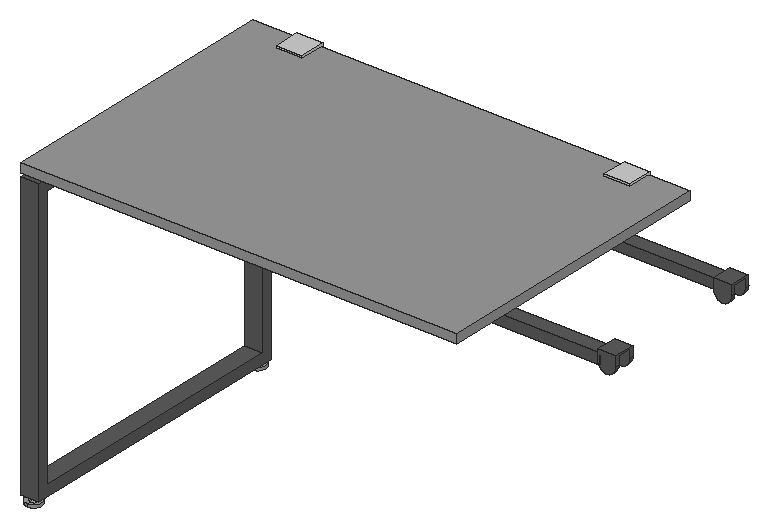
Revit family "Haworth_Tibas_Desk_ReturnExtension_EU_PRELIMINARY", category Furniture, Revit 2019 (continued)
Definition of nested family "Haworth_Tibas_CableManagement_HorizontalCableTraySingle_PART"
  Forms (cm)
    Extrusion 2, solid, material <- "Cable Tray Finish"
      sketch origin (-15.6859, 0, 0) x (0, 1, 0) y (0, 0, 1)
        loop
          line (-19.31, 44.6) -> (-19.31, 42.7) -> (-19.21, 42.7) -> (-19.21, 44.575)
          arc (-19.21, 44.575) -> (-19.2466, 44.6634) -> (-19.335, 44.7) r 0.125
          line (-19.335, 44.7) -> (-23.305, 44.7)
          arc (-23.305, 44.7) -> (-23.3934, 44.6634) -> (-23.43, 44.575) r 0.125
          line (-23.43, 44.575) -> (-23.43, 38.32) -> (-23.33, 38.32) -> (-23.33, 44.6) -> (-19.31, 44.6)
      from -48.05 to 48.05
    Extrusion 3, void
      sketch origin (0, -29.21, 0) x (1, 0, 0) y (0, 0, 1)
        loop
          line (-17.9359, 45) -> (-17.9359, 43.7)
          arc (-17.9359, 43.7) -> (-18.2288, 42.9929) -> (-18.9359, 42.7) r 1
          line (-18.9359, 42.7) -> (-12.4359, 42.7)
          arc (-12.4359, 42.7) -> (-13.143, 42.9929) -> (-13.4359, 43.7) r 1
          line (-13.4359, 43.7) -> (-13.4359, 45) -> (-17.9359, 45)
      from -20.6953 to 2.1375
    Extrusion 4, void
      sketch origin (0, 0, 0) x (1, 0, 0) y (0, 1, 0)
        loop
          line (-82.7859, -27.3866) -> (-89.6859, -27.3866) -> (-89.6859, -33.3466) -> (-82.7859, -33.3466) -> (-82.7859, -27.3866)
      from 0 to 71.12
    Extrusion 5, void
      sketch origin (-31.3718, 0, 0) x (-1, 0, 0) y (0, -1, 0)
        loop
          line (-82.7859, 27.3866) -> (-82.7859, 33.3466) -> (-89.6859, 33.3466) -> (-89.6859, 27.3866) -> (-82.7859, 27.3866)
      from 0 to 71.12
  Cuts and joins
    Extrusion 4, Extrusion 5 cuts Extrusion 1
    Extrusion 3 cuts Extrusion 2
    joined: Extrusion 1, Extrusion 2
  Lines and regions (cm)
    Masking region 1
      outline origin (0, 0, 0) x (1, 0, 0) y (0, 1, 0)
        loop
          line (-89.6859, -19.21) -> (-89.6859, -39.21) -> (58.3141, -39.21) -> (58.3141, -19.21) -> (-89.6859, -19.21)
  Dimensions and locks (cm)
    "Actual Height": plane 4 "Top" to plane 1
    equal spacing: plane 8, plane 3 "Center F/B", plane 9
    "Actual Depth": plane 8 to plane 9
    equal spacing: plane 6, plane 2 "Center L/R", plane 7
    "Actual Width": plane 6 to plane 7
    "Actual Height": plane 4 "Top" to level
    locked: plane 5 to plane 4 "Top" at 10
    locked: plane 10 to plane 7 at 25.95
    locked: plane 6 to plane 11 at 25.95
    locked: plane 6 to plane 14 at 6.9
    locked: plane 15 to plane 7 at 6.9
    aligned and locked: Masking region 1 sketch curve to plane 8
    aligned and locked: Masking region 1 sketch curve to plane 6
    aligned and locked: Masking region 1 sketch curve to plane 9
    aligned and locked: plane 7 to Masking region 1 sketch curve
    aligned and locked: plane 6 to Extrusion 1
    aligned and locked: Extrusion 1 to plane 7
    aligned and locked: Extrusion 2 to plane 10
    aligned and locked: plane 11 to Extrusion 2
    aligned and locked: Extrusion 3 sketch curve to plane 13
    aligned and locked: Extrusion 3 sketch curve to plane 12
    aligned and locked: Extrusion 3 sketch curve to plane 4 "Top"
    aligned and locked: Extrusion 4 sketch curve to plane 6
    aligned and locked: Extrusion 5 sketch curve to plane 15
  Automatic sketch dimensions
    plane 5 to Extrusion 1 sketch curve = 0 cm
    Extrusion 1 sketch curve to plane 9 = 0.1862 cm
    Extrusion 1 sketch curve to Extrusion 1 sketch curve = 0.0742 cm  (x2)
    Extrusion 1 sketch curve to Extrusion 1 sketch curve = 0.0223 cm
    Extrusion 1 sketch curve to Extrusion 1 sketch curve = 0.5437 cm
    Extrusion 1 sketch curve to Extrusion 1 sketch curve = 0.0707 cm  (x2)
    Extrusion 1 sketch curve to plane 5 = 0.0342 cm
    Extrusion 1 sketch curve to Extrusion 1 sketch curve = 0.007 cm
    Extrusion 1 sketch curve to Extrusion 1 sketch curve = 0.1 cm
    Extrusion 1 sketch curve to Extrusion 1 sketch curve = 0.0168 cm
    Extrusion 1 sketch curve to plane 5 = 1.2092 cm
    Extrusion 1 sketch curve to Extrusion 1 sketch curve = 0.1485 cm
    Extrusion 1 sketch curve to Extrusion 1 sketch curve = 0.0293 cm
    Extrusion 1 sketch curve to Extrusion 1 sketch curve = 3.1963 cm
    Extrusion 2 sketch curve to plane 8 = 0 cm
    Extrusion 2 sketch curve to Extrusion 2 sketch curve = 0.1 cm  (x2)
    Extrusion 2 sketch curve to Extrusion 2 sketch curve = 0.025 cm  (x3)
    Extrusion 2 sketch curve to plane 4 "Top" = 0.3 cm
    Extrusion 2 sketch curve to Extrusion 2 sketch curve = 1.875 cm
    Extrusion 2 sketch curve to plane 5 = 3.32 cm
    Extrusion 3 sketch curve to Extrusion 3 sketch curve = 1 cm
    Extrusion 3 sketch curve to plane 13 = 1 cm
    Extrusion 3 sketch curve to plane 4 "Top" = 1.3 cm  (x2)
    Extrusion 3 sketch curve to Extrusion 3 sketch curve = 0 cm  (x3)
    Extrusion 4 sketch curve to plane 14 = 0 cm
    Extrusion 4 sketch curve to plane 3 "Center F/B" = 1.8234 cm
    Extrusion 5 sketch curve to plane 7 = 0 cm
    plane 3 "Center F/B" to Extrusion 5 sketch curve = 1.8234 cm
    Extrusion 1 sketch curve to plane 8 = 4.2437 cm
    Extrusion 1 sketch curve to Extrusion 1 sketch curve = 0.0237 cm
    Extrusion 2 sketch curve to Extrusion 2 sketch curve = 3.97 cm
    Extrusion 1 sketch curve to Extrusion 1 sketch curve = 1.0194 cm
    Extrusion 1 sketch curve to plane 5 = 0.1 cm
    plane 3 "Center F/B" to Extrusion 4 sketch curve = 4.1366 cm
    Extrusion 5 sketch curve to plane 3 "Center F/B" = 4.1366 cm
Definition of nested family "Haworth_Tibas_CableManagement_HorizontalCableTraySingleWire_PART"
  Parameters (values of type "Wire Basket")
    Warranty = "http://www.haworth.com/resources/product-info/warranties"
    URL = "www.haworth.com"
    Trim Finish = none
    Size = "Verify Final Dim. w/ Haworth"  # constant formula
    Revision Number = "1"  # constant formula
    Model = "Haworth -  Wire Basket "  # constant formula
    Manufacturer = "Haworth"  # constant formula
    Description = "Haworth -  Wire Basket "  # constant formula
    Cable Tray Finish [instance] = none
    Author = "Haworth (Abd Rahman)"  # constant formula
    Assembly Code = "E2020200"
    Actual Width = 200 cm
    Actual Depth = 16 cm  # constant formula
    80cm = yes
    200cm = yes
    180cm = yes
    160cm = yes
    140cm = yes
    120cm = yes
    100cm = yes
  Reference planes (cm)
    plane 1: z = 0
    plane 2 "Support Top": z = 74.1363
    plane 3: x = -79.1964
    plane 4: x = 120.8036
    plane 5: x = 20.8036
    plane 6: y = -4.3686
    plane 7 "Front": y = -20.3686
    plane 8: y = -12.3686
  Dimensions and locks (cm)
    locked: plane 2 "Support Top" to level at 74.1363
    equal spacing: plane 3, plane 5, plane 4
    "Actual Width": plane 3 to plane 4
    equal spacing: plane 6, plane 8, plane 7 "Front"
    "Actual Depth": plane 7 "Front" to plane 6
    aligned and locked: plane 5 to nested 1
    aligned and locked: plane 5 to nested 2
    aligned and locked: plane 5 to nested 3
    aligned and locked: plane 5 to nested 5
    aligned and locked: plane 5 to nested 4
    aligned and locked: plane 5 to nested 6
    aligned and locked: plane 8 to nested 1
    aligned and locked: plane 8 to nested 2
    aligned and locked: plane 8 to nested 3
    aligned and locked: plane 8 to nested 5
    aligned and locked: plane 8 to nested 6
    aligned and locked: plane 8 to nested 4
    aligned and locked: plane 5 to nested 7
    aligned and locked: plane 8 to nested 7
    aligned and locked: plane 2 "Support Top" to nested 5
    aligned and locked: plane 2 "Support Top" to nested 4
    aligned and locked: plane 2 "Support Top" to nested 6
    aligned and locked: plane 2 "Support Top" to nested 3
    aligned and locked: plane 2 "Support Top" to nested 7
    aligned and locked: plane 2 "Support Top" to nested 2
    aligned and locked: plane 2 "Support Top" to nested 1
  Nested families (cm)
    nested 1: "Haworth_Tibas_CableManagement_HorizontalCableTraySingleWire_80cm-PART" at (0, 0, 0), visible <- "80cm", type "Wire Basket Single - 80cm"
    nested 2: "Haworth_Tibas_CableManagement_HorizontalCableTraySingleWire_100cm-PART" at (0, 0, 0), visible <- "100cm", type "Wire Basket Single - 100cm"
    nested 3: "Haworth_Tibas_CableManagement_HorizontalCableTraySingleWire_140cm-PART" at (0, 0, 0), visible <- "140cm", type "Wire Basket Single - 140cm"
    nested 4: "Haworth_Tibas_CableManagement_HorizontalCableTraySingleWire_180cm-PART" at (0, 0, 0), visible <- "180cm", type "Wire Basket Single - 180cm"
    nested 5: "Haworth_Tibas_CableManagement_HorizontalCableTraySingleWire_200cm-PART" at (0, 0, 0), visible <- "200cm", type "Wire Basket Single - 200cm"
    nested 6: "Haworth_Tibas_CableManagement_HorizontalCableTraySingleWire_160cm-PART" at (0, 0, 0), visible <- "160cm", type "Wire Basket Single - 160cm"
    nested 7: "Haworth_Tibas_CableManagement_HorizontalCableTraySingleWire_120cm-PART" at (0, 0, 0), visible <- "120cm", type "Wire Basket Single - 120cm"
  Definition of nested family "Haworth_Tibas_CableManagement_HorizontalCableTraySingleWire_80cm-PART"
    Parameters (values of type "Wire Basket Single - 80cm")
      Warranty = "http://www.haworth.com/resources/product-info/warranties"
      Void Width = 20 cm  # constant formula
      URL = "www.haworth.com"
      Trim Finish = none
      Size = "Verify Final Dim. w/ Haworth"  # constant formula
      Revision Number = "1"  # constant formula
      Model = "Haworth -  Wire Basket "  # constant formula
      Manufacturer = "Haworth"  # constant formula
      Description = "Haworth -  Wire Basket 80cm "  # constant formula
      Cable Tray Finish = none
      Author = "Haworth (Abd Rahman)"  # constant formula
      Assembly Code = "E2020200"
      Actual Width = 80 cm  # constant formula
      Actual Depth = 16 cm  # constant formula
    Reference planes (cm)
      plane 1: z = 0
      plane 2 "Support Top": z = 74.1363
      plane 3: x = 20.8036
      plane 4: y = -4.3686
      plane 5 "Front": y = -20.3686
      plane 6: y = -12.3686
      plane 7: x = -19.1964
      plane 8: x = 60.8036
    Forms (cm)
      Extrusion 1, solid, material <- "Cable Tray Finish"
        sketch origin (-68.41, -24.7371, 0) x (0, 1, 0) y (0, 0, -1)
          loop
            line (5.5335, -74.1362) -> (5.5335, -68.4381)
            arc (5.5335, -68.4381) -> (5.5922, -68.2965) -> (5.7338, -68.2378) r 0.2003
            line (5.7338, -68.2378) -> (19.8574, -68.2378)
            arc (19.8574, -68.2378) -> (20.0023, -68.2979) -> (20.0623, -68.4428) r 0.205
            line (20.0623, -68.4428) -> (20.0623, -74.1362) -> (20.3686, -74.1362) -> (20.3686, -68.4261)
            arc (20.3686, -68.4261) -> (20.2547, -68.1513) -> (19.9799, -68.0374) r 0.3886
            line (19.9799, -68.0374) -> (5.7294, -68.0374)
            arc (5.7294, -68.0374) -> (5.455, -68.1511) -> (5.3413, -68.4255) r 0.3881
            line (5.3413, -68.4255) -> (5.3413, -74.1362) -> (5.5335, -74.1362)
        from -129.2136 to -49.2136
      Extrusion 2, void
        sketch origin (0, -2.9666, 0) x (1, 0, 0) y (0, 0, -1)
          loop
            line (-19.011, -73.9397) -> (-14.4684, -73.9397) -> (-14.4684, -70.6269) -> (-19.011, -70.6269) -> (-19.011, -73.9397)
          loop
            line (-14.4684, -70.4411) -> (-14.4684, -68.6582) -> (-19.011, -68.6582) -> (-19.011, -70.4411) -> (-14.4684, -70.4411)
          loop
            line (-14.261, -73.9397) -> (-8.4684, -73.9397) -> (-8.4684, -70.6269) -> (-14.261, -70.6269) -> (-14.261, -73.9397)
          loop
            line (-8.4684, -70.4411) -> (-8.4684, -68.6582) -> (-14.261, -68.6582) -> (-14.261, -70.4411) -> (-8.4684, -70.4411)
          loop
            line (-8.261, -73.9397) -> (-2.4684, -73.9397) -> (-2.4684, -70.6269) -> (-8.261, -70.6269) -> (-8.261, -73.9397)
          loop
            line (-2.4684, -70.4411) -> (-2.4684, -68.6448) -> (-8.261, -68.6448) -> (-8.261, -70.4411) -> (-2.4684, -70.4411)
          loop
            line (-2.261, -73.9397) -> (3.5316, -73.9397) -> (3.5316, -70.6269) -> (-2.261, -70.6269) -> (-2.261, -73.9397)
          loop
            line (3.5316, -70.4411) -> (3.5316, -68.6582) -> (-2.261, -68.6582) -> (-2.261, -70.4411) -> (3.5316, -70.4411)
          loop
            line (3.739, -73.9397) -> (9.5316, -73.9397) -> (9.5316, -70.6269) -> (3.739, -70.6269) -> (3.739, -73.9397)
          loop
            line (9.5316, -70.4411) -> (9.5316, -68.6582) -> (3.739, -68.6582) -> (3.739, -70.4411) -> (9.5316, -70.4411)
          loop
            line (9.739, -73.9397) -> (15.5316, -73.9397) -> (15.5316, -70.6269) -> (9.739, -70.6269) -> (9.739, -73.9397)
          loop
            line (15.5316, -70.4411) -> (15.5316, -68.6582) -> (9.739, -68.6582) -> (9.739, -70.4411) -> (15.5316, -70.4411)
          loop
            line (15.739, -73.9397) -> (21.5316, -73.9397) -> (21.5316, -70.6269) -> (15.739, -70.6269) -> (15.739, -73.9397)
          loop
            line (21.5316, -70.4411) -> (21.5316, -68.6582) -> (15.739, -68.6582) -> (15.739, -70.4411) -> (21.5316, -70.4411)
          loop
            line (21.739, -73.9397) -> (27.5316, -73.9397) -> (27.5316, -70.6269) -> (21.739, -70.6269) -> (21.739, -73.9397)
          loop
            line (27.5316, -70.4411) -> (27.5316, -68.6582) -> (21.739, -68.6582) -> (21.739, -70.4411) -> (27.5316, -70.4411)
          loop
            line (27.739, -73.9397) -> (33.5316, -73.9397) -> (33.5316, -70.6269) -> (27.739, -70.6269) -> (27.739, -73.9397)
          loop
            line (33.5316, -70.4411) -> (33.5316, -68.6448) -> (27.739, -68.6448) -> (27.739, -70.4411) -> (33.5316, -70.4411)
          loop
            line (33.739, -73.9397) -> (39.5316, -73.9397) -> (39.5316, -70.6269) -> (33.739, -70.6269) -> (33.739, -73.9397)
          loop
            line (39.5316, -70.4411) -> (39.5316, -68.6582) -> (33.739, -68.6582) -> (33.739, -70.4411) -> (39.5316, -70.4411)
          loop
            line (39.739, -73.9397) -> (45.5316, -73.9397) -> (45.5316, -70.6269) -> (39.739, -70.6269) -> (39.739, -73.9397)
          loop
            line (45.5316, -70.4411) -> (45.5316, -68.6582) -> (39.739, -68.6582) -> (39.739, -70.4411) -> (45.5316, -70.4411)
          loop
            line (45.739, -73.9397) -> (51.5316, -73.9397) -> (51.5316, -70.6269) -> (45.739, -70.6269) -> (45.739, -73.9397)
          loop
            line (51.5316, -70.4411) -> (51.5316, -68.6582) -> (45.739, -68.6582) -> (45.739, -70.4411) -> (51.5316, -70.4411)
          loop
            line (51.739, -73.9397) -> (57.5316, -73.9397) -> (57.5316, -70.6269) -> (51.739, -70.6269) -> (51.739, -73.9397)
          loop
            line (57.5316, -70.4411) -> (57.5316, -68.6582) -> (51.739, -68.6582) -> (51.739, -70.4411) -> (57.5316, -70.4411)
          loop
            line (57.739, -73.9397) -> (60.5316, -73.9397) -> (60.5316, -70.6269) -> (57.739, -70.6269) -> (57.739, -73.9397)
          loop
            line (60.5316, -70.4411) -> (60.5316, -68.6582) -> (57.739, -68.6582) -> (57.739, -70.4411) -> (60.5316, -70.4411)
        from -21.2076 to 0.5784
      Extrusion 3, void
        sketch origin (0, -24.7371, 0) x (1, 0, 0) y (0, 1, 0)
          loop
            line (-18.761, 5.9663) -> (-12.9684, 5.9663) -> (-12.9684, 20.0623) -> (-18.761, 20.0623) -> (-18.761, 5.9663)
          loop
            line (-12.761, 5.9663) -> (-6.9555, 5.9663) -> (-6.9555, 20.0623) -> (-12.761, 20.0623) -> (-12.761, 5.9663)
          loop
            line (-6.748, 5.9663) -> (-0.9555, 5.9663) -> (-0.9555, 20.0623) -> (-6.748, 20.0623) -> (-6.748, 5.9663)
          loop
            line (-0.748, 5.9663) -> (5.0575, 5.9663) -> (5.0575, 20.0623) -> (-0.748, 20.0623) -> (-0.748, 5.9663)
          loop
            line (5.2779, 5.9663) -> (11.0704, 5.9663) -> (11.0704, 20.0623) -> (5.2779, 20.0623) -> (5.2779, 5.9663)
          loop
            line (11.2779, 5.9663) -> (17.0834, 5.9663) -> (17.0834, 20.0623) -> (11.2779, 20.0623) -> (11.2779, 5.9663)
          loop
            line (17.2908, 5.9663) -> (23.0963, 5.9663) -> (23.0963, 20.0623) -> (17.2908, 20.0623) -> (17.2908, 5.9663)
          loop
            line (23.3038, 5.9663) -> (29.0963, 5.9663) -> (29.0963, 20.0623) -> (23.3038, 20.0623) -> (23.3038, 5.9663)
          loop
            line (29.3038, 5.9663) -> (35.1093, 5.9663) -> (35.1093, 20.0623) -> (29.3038, 20.0623) -> (29.3038, 5.9663)
          loop
            line (35.3297, 5.9663) -> (41.1222, 5.9663) -> (41.1222, 20.0623) -> (35.3297, 20.0623) -> (35.3297, 5.9663)
          loop
            line (41.3297, 5.9663) -> (47.1351, 5.9663) -> (47.1351, 20.0623) -> (41.3297, 20.0623) -> (41.3297, 5.9663)
          loop
            line (47.3426, 5.9663) -> (53.1481, 5.9663) -> (53.1481, 20.0623) -> (47.3426, 20.0623) -> (47.3426, 5.9663)
          loop
            line (53.3556, 5.9663) -> (60.1481, 5.9663) -> (60.1481, 20.0623) -> (53.3556, 20.0623) -> (53.3556, 5.9663)
        from 0 to 76.0995
      Extrusion 4, solid, material <- "Trim Finish"
        sketch origin (-32.3038, 0.625, 79.9413) x (0, -1, 0) y (0, 0, 1)
          loop
            line (24.1542, -2.8) -> (20.1466, -2.8)
            arc (20.1466, -2.8) -> (19.9893, -2.8651) -> (19.9242, -3.0224) r 0.2224
            line (19.9242, -3.0224) -> (19.9242, -5.6) -> (19.6482, -5.6)
            arc (19.6482, -5.6) -> (19.4898, -5.6656) -> (19.4242, -5.824) r 0.224
            line (19.4242, -5.824) -> (19.4242, -12.25) -> (7.5501, -12.25)
            arc (7.5501, -12.25) -> (7.3251, -12.025) -> (7.5501, -11.8) r 0.225
            line (7.5501, -11.8) -> (8.3242, -11.8) -> (8.3242, -11.6) -> (7.5483, -11.6)
            arc (7.5483, -11.6) -> (7.1233, -12.025) -> (7.5483, -12.45) r 0.425
            line (7.5483, -12.45) -> (19.4019, -12.45)
            arc (19.4019, -12.45) -> (19.5591, -12.3849) -> (19.6242, -12.2277) r 0.2223
            line (19.6242, -12.2277) -> (19.6242, -5.8) -> (19.9029, -5.8)
            arc (19.9029, -5.8) -> (20.0594, -5.7352) -> (20.1242, -5.5787) r 0.2213
            line (20.1242, -5.5787) -> (20.1242, -3) -> (24.1742, -3) -> (24.1742, -6) -> (24.3742, -6) -> (24.3742, -3.02)
            arc (24.3742, -3.02) -> (24.3098, -2.8644) -> (24.1542, -2.8) r 0.22
        from -36.501 to -33.501
      Extrusion 5, solid, material <- "Trim Finish"
        sketch origin (73.911, 0.625, 79.9413) x (0, -1, 0) y (0, 0, -1)
          loop
            arc (24.1542, 2.8) -> (24.3098, 2.8644) -> (24.3742, 3.02) r 0.22
            line (24.3742, 3.02) -> (24.3742, 6) -> (24.1742, 6) -> (24.1742, 3) -> (20.1242, 3) -> (20.1242, 5.5787)
            arc (20.1242, 5.5787) -> (20.0594, 5.7352) -> (19.9029, 5.8) r 0.2213
            line (19.9029, 5.8) -> (19.6242, 5.8) -> (19.6242, 12.2277)
            arc (19.6242, 12.2277) -> (19.5591, 12.3849) -> (19.4019, 12.45) r 0.2223
            line (19.4019, 12.45) -> (7.5483, 12.45)
            arc (7.5483, 12.45) -> (7.1233, 12.025) -> (7.5483, 11.6) r 0.425
            line (7.5483, 11.6) -> (8.3242, 11.6) -> (8.3242, 11.8) -> (7.5501, 11.8)
            arc (7.5501, 11.8) -> (7.3251, 12.025) -> (7.5501, 12.25) r 0.225
            line (7.5501, 12.25) -> (19.4242, 12.25) -> (19.4242, 5.824)
            arc (19.4242, 5.824) -> (19.4898, 5.6656) -> (19.6482, 5.6) r 0.224
            line (19.6482, 5.6) -> (19.9242, 5.6) -> (19.9242, 3.0224)
            arc (19.9242, 3.0224) -> (19.9893, 2.8651) -> (20.1466, 2.8) r 0.2224
            line (20.1466, 2.8) -> (24.1542, 2.8)
        from -36.501 to -33.501
    Cuts and joins
      Extrusion 2, Extrusion 3 cuts Extrusion 1
    Lines and regions (cm)
      Masking region 1
        outline origin (0, 0, 0) x (1, 0, 0) y (0, 1, 0)
          loop
            line (-19.1964, -4.3686) -> (-19.1964, -20.3686) -> (60.8036, -20.3686) -> (60.8036, -4.3686) -> (-19.1964, -4.3686)
    Dimensions and locks (cm)
      locked: plane 2 "Support Top" to level at 74.1363
      equal spacing: plane 4, plane 6, plane 5 "Front"
      "Actual Depth": plane 5 "Front" to plane 4
      equal spacing: plane 7, plane 3, plane 8
      "Actual Width": plane 7 to plane 8
      aligned and locked: plane 4 to cut or joined group of Extrusion 1, Extrusion 2, Extrusion 3
      aligned and locked: Masking region 1 sketch curve to plane 4
      aligned and locked: Masking region 1 sketch curve to plane 5 "Front"
      aligned and locked: cut or joined group of Extrusion 1, Extrusion 2, Extrusion 3 to plane 7
      aligned and locked: Masking region 1 to plane 7
      aligned and locked: plane 8 to cut or joined group of Extrusion 1, Extrusion 2, Extrusion 3
      aligned and locked: plane 8 to Masking region 1
    Automatic sketch dimensions
      Extrusion 1 sketch curve to plane 2 "Support Top" = 0 cm  (x2)
      Extrusion 1 sketch curve to plane 4 = 0 cm
      Extrusion 1 sketch curve to Extrusion 1 sketch curve = 0.3062 cm
      Extrusion 1 sketch curve to plane 4 = 0.3886 cm
      Extrusion 1 sketch curve to Extrusion 1 sketch curve = 0.1226 cm
      Extrusion 1 sketch curve to plane 5 "Front" = 1.3652 cm
      Extrusion 1 sketch curve to Extrusion 1 sketch curve = 0.0044 cm
      Extrusion 1 sketch curve to Extrusion 1 sketch curve = 0.1959 cm
      Extrusion 1 sketch curve to Extrusion 1 sketch curve = 0.1923 cm
      Extrusion 1 sketch curve to plane 2 "Support Top" = 5.6934 cm
      Extrusion 1 sketch curve to Extrusion 1 sketch curve = 0.0167 cm
      plane 7 to Extrusion 2 sketch curve = 0.1855 cm  (x2)
      Extrusion 2 sketch curve to plane 2 "Support Top" = 0.1965 cm  (x14)
      Extrusion 2 sketch curve to Extrusion 2 sketch curve = 4.5425 cm
      Extrusion 2 sketch curve to Extrusion 2 sketch curve = 0 cm  (x30)
      Extrusion 2 sketch curve to Extrusion 2 sketch curve = 0.2075 cm  (x18)
      Extrusion 2 sketch curve to Extrusion 2 sketch curve = 5.7925 cm  (x9)
      Extrusion 2 sketch curve to plane 3 = 5.272 cm
      plane 3 to Extrusion 2 sketch curve = 0.728 cm  (x2)
      Extrusion 2 sketch curve to plane 8 = 3.272 cm
      Extrusion 2 sketch curve to plane 8 = 0.272 cm  (x2)
      Extrusion 2 sketch curve to Extrusion 2 sketch curve = 3.3128 cm  (x5)
      Extrusion 2 sketch curve to Extrusion 2 sketch curve = 0.1859 cm  (x14)
      Extrusion 2 sketch curve to Extrusion 2 sketch curve = 1.7829 cm  (x11)
      Extrusion 2 sketch curve to Extrusion 2 sketch curve = 0.0134 cm  (x2)
      Extrusion 3 sketch curve to plane 7 = 0.4355 cm
      plane 4 to Extrusion 3 sketch curve = 0.3062 cm  (x8)
      Extrusion 3 sketch curve to Extrusion 3 sketch curve = 5.7925 cm  (x5)
      Extrusion 3 sketch curve to Extrusion 3 sketch curve = 0.2075 cm  (x10)
      Extrusion 3 sketch curve to Extrusion 3 sketch curve = 5.8055 cm  (x5)
      plane 5 "Front" to Extrusion 3 sketch curve = 1.5977 cm  (x5)
      Extrusion 3 sketch curve to Extrusion 3 sketch curve = 0.2204 cm  (x2)
      plane 3 to Extrusion 3 sketch curve = 3.7202 cm
      Extrusion 3 sketch curve to plane 3 = 2.2927 cm
      plane 8 to Extrusion 3 sketch curve = 0.6555 cm
      Extrusion 3 sketch curve to Extrusion 3 sketch curve = 0 cm  (x13)
      Masking region 1 sketch curve to plane 7 = 0 cm
      Masking region 1 sketch curve to plane 8 = 0 cm
      Extrusion 4 sketch curve to plane 4 = 2.5547 cm
      Extrusion 4 sketch curve to Extrusion 4 sketch curve = 0.0018 cm
      Extrusion 4 sketch curve to Extrusion 4 sketch curve = 0.7759 cm
      Extrusion 4 sketch curve to plane 5 "Front" = 1.5916 cm
      Extrusion 4 sketch curve to Extrusion 4 sketch curve = 0.0223 cm
      plane 2 "Support Top" to Extrusion 4 sketch curve = 0.005 cm
      Extrusion 4 sketch curve to Extrusion 4 sketch curve = 0.2 cm  (x4)
      Extrusion 4 sketch curve to Extrusion 4 sketch curve = 0.024 cm
      Extrusion 4 sketch curve to Extrusion 4 sketch curve = 0.2547 cm
      Extrusion 4 sketch curve to plane 5 "Front" = 1.0694 cm
      Extrusion 4 sketch curve to Extrusion 4 sketch curve = 0.0224 cm
      plane 5 "Front" to Extrusion 4 sketch curve = 3.1606 cm
      Extrusion 4 sketch curve to Extrusion 4 sketch curve = 0.02 cm  (x2)
      Extrusion 4 sketch curve to plane 2 "Support Top" = 0.019 cm
      Extrusion 4 sketch curve to plane 2 "Support Top" = 0.195 cm
      Extrusion 4 sketch curve to plane 2 "Support Top" = 5.795 cm
      Extrusion 4 sketch curve to Extrusion 4 sketch curve = 0.225 cm
      Extrusion 4 sketch curve to Extrusion 4 sketch curve = 0 cm
      Extrusion 4 sketch curve to Extrusion 4 sketch curve = 2.5563 cm
      Extrusion 5 sketch curve to plane 4 = 2.5547 cm
      Extrusion 5 sketch curve to Extrusion 5 sketch curve = 0.0018 cm
      Extrusion 5 sketch curve to Extrusion 5 sketch curve = 0.7759 cm
      Extrusion 5 sketch curve to plane 5 "Front" = 1.5916 cm
      Extrusion 5 sketch curve to Extrusion 5 sketch curve = 0.0223 cm
      plane 2 "Support Top" to Extrusion 5 sketch curve = 0.005 cm
      Extrusion 5 sketch curve to Extrusion 5 sketch curve = 0.2 cm  (x5)
      Extrusion 5 sketch curve to Extrusion 5 sketch curve = 0.024 cm
      Extrusion 5 sketch curve to Extrusion 5 sketch curve = 0.2547 cm
      Extrusion 5 sketch curve to plane 5 "Front" = 1.0694 cm
      Extrusion 5 sketch curve to Extrusion 5 sketch curve = 0.0224 cm
      plane 5 "Front" to Extrusion 5 sketch curve = 3.1606 cm
      Extrusion 5 sketch curve to Extrusion 5 sketch curve = 0.02 cm  (x2)
      Extrusion 5 sketch curve to Extrusion 5 sketch curve = 2.5563 cm
      Extrusion 5 sketch curve to plane 2 "Support Top" = 0.195 cm
      Extrusion 5 sketch curve to plane 2 "Support Top" = 5.795 cm
      Extrusion 5 sketch curve to Extrusion 5 sketch curve = 0.225 cm
      Extrusion 5 sketch curve to Extrusion 5 sketch curve = 0 cm
  Definition of nested family "Haworth_Tibas_CableManagement_HorizontalCableTraySingleWire_100cm-PART"
    Parameters (values of type "Wire Basket Single - 100cm")
      Warranty = "http://www.haworth.com/resources/product-info/warranties"
      Void Width = 20 cm  # constant formula
      URL = "www.haworth.com"
      Trim Finish = none
      Size = "Verify Final Dim. w/ Haworth"  # constant formula
      Revision Number = "1"  # constant formula
      Model = "Haworth -  Wire Basket "  # constant formula
      Manufacturer = "Haworth"  # constant formula
      Description = "Haworth -  Wire Basket 100cm "  # constant formula
      Cable Tray Finish = none
      Author = "Haworth (Abd Rahman)"  # constant formula
      Assembly Code = "E2020200"
      Actual Width = 100 cm  # constant formula
      Actual Depth = 16 cm  # constant formula
    Reference planes (cm)
      plane 1: z = 0
      plane 2 "Support Top": z = 74.1363
      plane 3: x = 20.8036
      plane 4: y = -4.3686
      plane 5 "Front": y = -20.3686
      plane 6: y = -12.3686
      plane 7: x = 70.8036
      plane 8: x = -29.1964
    Forms (cm)
      Extrusion 1, solid, material <- "Cable Tray Finish"
        sketch origin (-68.41, -24.7371, 0) x (0, 1, 0) y (0, 0, -1)
          loop
            line (5.5335, -74.1362) -> (5.5335, -68.4381)
            arc (5.5335, -68.4381) -> (5.5922, -68.2965) -> (5.7338, -68.2378) r 0.2003
            line (5.7338, -68.2378) -> (19.8574, -68.2378)
            arc (19.8574, -68.2378) -> (20.0023, -68.2979) -> (20.0623, -68.4428) r 0.205
            line (20.0623, -68.4428) -> (20.0623, -74.1362) -> (20.3686, -74.1362) -> (20.3686, -68.4261)
            arc (20.3686, -68.4261) -> (20.2547, -68.1513) -> (19.9799, -68.0374) r 0.3886
            line (19.9799, -68.0374) -> (5.7294, -68.0374)
            arc (5.7294, -68.0374) -> (5.455, -68.1511) -> (5.3413, -68.4255) r 0.3881
            line (5.3413, -68.4255) -> (5.3413, -74.1362) -> (5.5335, -74.1362)
        from -139.2136 to -39.2136
      Extrusion 2, void
        sketch origin (0, -2.9666, 0) x (1, 0, 0) y (0, 0, -1)
          loop
            line (-29.011, -73.9397) -> (-26.4684, -73.9397) -> (-26.4684, -70.6269) -> (-29.011, -70.6269) -> (-29.011, -73.9397)
          loop
            line (-26.4684, -70.4411) -> (-26.4684, -68.6448) -> (-29.011, -68.6448) -> (-29.011, -70.4411) -> (-26.4684, -70.4411)
          loop
            line (-26.261, -73.9397) -> (-20.4684, -73.9397) -> (-20.4684, -70.6269) -> (-26.261, -70.6269) -> (-26.261, -73.9397)
          loop
            line (-20.4684, -70.4411) -> (-20.4684, -68.6582) -> (-26.261, -68.6582) -> (-26.261, -70.4411) -> (-20.4684, -70.4411)
          loop
            line (-20.261, -73.9397) -> (-14.4684, -73.9397) -> (-14.4684, -70.6269) -> (-20.261, -70.6269) -> (-20.261, -73.9397)
          loop
            line (-14.4684, -70.4411) -> (-14.4684, -68.6582) -> (-20.261, -68.6582) -> (-20.261, -70.4411) -> (-14.4684, -70.4411)
          loop
            line (-14.261, -73.9397) -> (-8.4684, -73.9397) -> (-8.4684, -70.6269) -> (-14.261, -70.6269) -> (-14.261, -73.9397)
          loop
            line (-8.4684, -70.4411) -> (-8.4684, -68.6582) -> (-14.261, -68.6582) -> (-14.261, -70.4411) -> (-8.4684, -70.4411)
          loop
            line (-8.261, -73.9397) -> (-2.4684, -73.9397) -> (-2.4684, -70.6269) -> (-8.261, -70.6269) -> (-8.261, -73.9397)
          loop
            line (-2.4684, -70.4411) -> (-2.4684, -68.6448) -> (-8.261, -68.6448) -> (-8.261, -70.4411) -> (-2.4684, -70.4411)
          loop
            line (-2.261, -73.9397) -> (3.5316, -73.9397) -> (3.5316, -70.6269) -> (-2.261, -70.6269) -> (-2.261, -73.9397)
          loop
            line (3.5316, -70.4411) -> (3.5316, -68.6582) -> (-2.261, -68.6582) -> (-2.261, -70.4411) -> (3.5316, -70.4411)
          loop
            line (3.739, -73.9397) -> (9.5316, -73.9397) -> (9.5316, -70.6269) -> (3.739, -70.6269) -> (3.739, -73.9397)
          loop
            line (9.5316, -70.4411) -> (9.5316, -68.6582) -> (3.739, -68.6582) -> (3.739, -70.4411) -> (9.5316, -70.4411)
          loop
            line (9.739, -73.9397) -> (15.5316, -73.9397) -> (15.5316, -70.6269) -> (9.739, -70.6269) -> (9.739, -73.9397)
          loop
            line (15.5316, -70.4411) -> (15.5316, -68.6582) -> (9.739, -68.6582) -> (9.739, -70.4411) -> (15.5316, -70.4411)
          loop
            line (15.739, -73.9397) -> (21.5316, -73.9397) -> (21.5316, -70.6269) -> (15.739, -70.6269) -> (15.739, -73.9397)
          loop
            line (21.5316, -70.4411) -> (21.5316, -68.6582) -> (15.739, -68.6582) -> (15.739, -70.4411) -> (21.5316, -70.4411)
          loop
            line (21.739, -73.9397) -> (27.5316, -73.9397) -> (27.5316, -70.6269) -> (21.739, -70.6269) -> (21.739, -73.9397)
          loop
            line (27.5316, -70.4411) -> (27.5316, -68.6582) -> (21.739, -68.6582) -> (21.739, -70.4411) -> (27.5316, -70.4411)
          loop
            line (27.739, -73.9397) -> (33.5316, -73.9397) -> (33.5316, -70.6269) -> (27.739, -70.6269) -> (27.739, -73.9397)
          loop
            line (33.5316, -70.4411) -> (33.5316, -68.6448) -> (27.739, -68.6448) -> (27.739, -70.4411) -> (33.5316, -70.4411)
          loop
            line (33.739, -73.9397) -> (39.5316, -73.9397) -> (39.5316, -70.6269) -> (33.739, -70.6269) -> (33.739, -73.9397)
          loop
            line (39.5316, -70.4411) -> (39.5316, -68.6582) -> (33.739, -68.6582) -> (33.739, -70.4411) -> (39.5316, -70.4411)
          loop
            line (39.739, -73.9397) -> (45.5316, -73.9397) -> (45.5316, -70.6269) -> (39.739, -70.6269) -> (39.739, -73.9397)
          loop
            line (45.5316, -70.4411) -> (45.5316, -68.6582) -> (39.739, -68.6582) -> (39.739, -70.4411) -> (45.5316, -70.4411)
          loop
            line (45.739, -73.9397) -> (51.5316, -73.9397) -> (51.5316, -70.6269) -> (45.739, -70.6269) -> (45.739, -73.9397)
          loop
            line (51.5316, -70.4411) -> (51.5316, -68.6582) -> (45.739, -68.6582) -> (45.739, -70.4411) -> (51.5316, -70.4411)
          loop
            line (51.739, -73.9397) -> (57.5316, -73.9397) -> (57.5316, -70.6269) -> (51.739, -70.6269) -> (51.739, -73.9397)
          loop
            line (57.5316, -70.4411) -> (57.5316, -68.6582) -> (51.739, -68.6582) -> (51.739, -70.4411) -> (57.5316, -70.4411)
          loop
            line (57.739, -73.9397) -> (63.5316, -73.9397) -> (63.5316, -70.6269) -> (57.739, -70.6269) -> (57.739, -73.9397)
          loop
            line (63.5316, -70.4411) -> (63.5316, -68.6582) -> (57.739, -68.6582) -> (57.739, -70.4411) -> (63.5316, -70.4411)
          loop
            line (63.739, -73.9397) -> (70.5316, -73.9397) -> (70.5316, -70.6269) -> (63.739, -70.6269) -> (63.739, -73.9397)
          loop
            line (70.5316, -70.4411) -> (70.5316, -68.6448) -> (63.739, -68.6448) -> (63.739, -70.4411) -> (70.5316, -70.4411)
        from -21.2076 to 0.5784
      Extrusion 3, void
        sketch origin (0, -24.7371, 0) x (1, 0, 0) y (0, 1, 0)
          loop
            line (-28.761, 5.9663) -> (-24.9684, 5.9663) -> (-24.9684, 20.0623) -> (-28.761, 20.0623) -> (-28.761, 5.9663)
          loop
            line (-24.761, 5.9663) -> (-18.9555, 5.9663) -> (-18.9555, 20.0623) -> (-24.761, 20.0623) -> (-24.761, 5.9663)
          loop
            line (-18.761, 5.9663) -> (-12.9684, 5.9663) -> (-12.9684, 20.0623) -> (-18.761, 20.0623) -> (-18.761, 5.9663)
          loop
            line (-12.761, 5.9663) -> (-6.9555, 5.9663) -> (-6.9555, 20.0623) -> (-12.761, 20.0623) -> (-12.761, 5.9663)
          loop
            line (-6.748, 5.9663) -> (-0.9555, 5.9663) -> (-0.9555, 20.0623) -> (-6.748, 20.0623) -> (-6.748, 5.9663)
          loop
            line (-0.748, 5.9663) -> (5.0575, 5.9663) -> (5.0575, 20.0623) -> (-0.748, 20.0623) -> (-0.748, 5.9663)
          loop
            line (5.2779, 5.9663) -> (11.0704, 5.9663) -> (11.0704, 20.0623) -> (5.2779, 20.0623) -> (5.2779, 5.9663)
          loop
            line (11.2779, 5.9663) -> (17.0834, 5.9663) -> (17.0834, 20.0623) -> (11.2779, 20.0623) -> (11.2779, 5.9663)
          loop
            line (17.2908, 5.9663) -> (23.0963, 5.9663) -> (23.0963, 20.0623) -> (17.2908, 20.0623) -> (17.2908, 5.9663)
          loop
            line (23.3038, 5.9663) -> (29.0963, 5.9663) -> (29.0963, 20.0623) -> (23.3038, 20.0623) -> (23.3038, 5.9663)
          loop
            line (29.3038, 5.9663) -> (35.1093, 5.9663) -> (35.1093, 20.0623) -> (29.3038, 20.0623) -> (29.3038, 5.9663)
          loop
            line (35.3297, 5.9663) -> (41.1222, 5.9663) -> (41.1222, 20.0623) -> (35.3297, 20.0623) -> (35.3297, 5.9663)
          loop
            line (41.3297, 5.9663) -> (47.1351, 5.9663) -> (47.1351, 20.0623) -> (41.3297, 20.0623) -> (41.3297, 5.9663)
          loop
            line (47.3426, 5.9663) -> (53.1481, 5.9663) -> (53.1481, 20.0623) -> (47.3426, 20.0623) -> (47.3426, 5.9663)
          loop
            line (53.3556, 5.9663) -> (59.1481, 5.9663) -> (59.1481, 20.0623) -> (53.3556, 20.0623) -> (53.3556, 5.9663)
          loop
            line (59.3556, 5.9663) -> (65.161, 5.9663) -> (65.161, 20.0623) -> (59.3556, 20.0623) -> (59.3556, 5.9663)
          loop
            line (65.3815, 5.9663) -> (70.424, 5.9663) -> (70.424, 20.0623) -> (65.3815, 20.0623) -> (65.3815, 5.9663)
        from 0 to 76.0995
      Extrusion 4, solid, material <- "Trim Finish"
        sketch origin (85.411, 0.625, 79.9413) x (0, -1, 0) y (0, 0, -1)
          loop
            arc (24.1542, 2.8) -> (24.3098, 2.8644) -> (24.3742, 3.02) r 0.22
            line (24.3742, 3.02) -> (24.3742, 6) -> (24.1742, 6) -> (24.1742, 3) -> (20.1242, 3) -> (20.1242, 5.5787)
            arc (20.1242, 5.5787) -> (20.0594, 5.7352) -> (19.9029, 5.8) r 0.2213
            line (19.9029, 5.8) -> (19.6242, 5.8) -> (19.6242, 12.2277)
            arc (19.6242, 12.2277) -> (19.5591, 12.3849) -> (19.4019, 12.45) r 0.2223
            line (19.4019, 12.45) -> (7.5483, 12.45)
            arc (7.5483, 12.45) -> (7.1233, 12.025) -> (7.5483, 11.6) r 0.425
            line (7.5483, 11.6) -> (8.3242, 11.6) -> (8.3242, 11.8) -> (7.5501, 11.8)
            arc (7.5501, 11.8) -> (7.3251, 12.025) -> (7.5501, 12.25) r 0.225
            line (7.5501, 12.25) -> (19.4242, 12.25) -> (19.4242, 5.824)
            arc (19.4242, 5.824) -> (19.4898, 5.6656) -> (19.6482, 5.6) r 0.224
            line (19.6482, 5.6) -> (19.9242, 5.6) -> (19.9242, 3.0224)
            arc (19.9242, 3.0224) -> (19.9893, 2.8651) -> (20.1466, 2.8) r 0.2224
            line (20.1466, 2.8) -> (24.1542, 2.8)
        from -36.501 to -33.501
      Extrusion 5, solid, material <- "Trim Finish"
        sketch origin (-38.8038, 0.625, 79.9413) x (0, -1, 0) y (0, 0, 1)
          loop
            line (24.1542, -2.8) -> (20.1466, -2.8)
            arc (20.1466, -2.8) -> (19.9893, -2.8651) -> (19.9242, -3.0224) r 0.2224
            line (19.9242, -3.0224) -> (19.9242, -5.6) -> (19.6482, -5.6)
            arc (19.6482, -5.6) -> (19.4898, -5.6656) -> (19.4242, -5.824) r 0.224
            line (19.4242, -5.824) -> (19.4242, -12.25) -> (7.5501, -12.25)
            arc (7.5501, -12.25) -> (7.3251, -12.025) -> (7.5501, -11.8) r 0.225
            line (7.5501, -11.8) -> (8.3242, -11.8) -> (8.3242, -11.6) -> (7.5483, -11.6)
            arc (7.5483, -11.6) -> (7.1233, -12.025) -> (7.5483, -12.45) r 0.425
            line (7.5483, -12.45) -> (19.4019, -12.45)
            arc (19.4019, -12.45) -> (19.5591, -12.3849) -> (19.6242, -12.2277) r 0.2223
            line (19.6242, -12.2277) -> (19.6242, -5.8) -> (19.9029, -5.8)
            arc (19.9029, -5.8) -> (20.0594, -5.7352) -> (20.1242, -5.5787) r 0.2213
            line (20.1242, -5.5787) -> (20.1242, -3) -> (24.1742, -3) -> (24.1742, -6) -> (24.3742, -6) -> (24.3742, -3.02)
            arc (24.3742, -3.02) -> (24.3098, -2.8644) -> (24.1542, -2.8) r 0.22
        from -36.501 to -33.501
    Cuts and joins
      Extrusion 2, Extrusion 3 cuts Extrusion 1
    Lines and regions (cm)
      Masking region 1
        outline origin (0, 0, 0) x (1, 0, 0) y (0, 1, 0)
          loop
            line (-29.1964, -4.3686) -> (-29.1964, -20.3686) -> (70.8036, -20.3686) -> (70.8036, -4.3686) -> (-29.1964, -4.3686)
    Dimensions and locks (cm)
      locked: plane 2 "Support Top" to level at 74.1363
      equal spacing: plane 4, plane 6, plane 5 "Front"
      "Actual Depth": plane 5 "Front" to plane 4
      equal spacing: plane 8, plane 3, plane 7
      "Actual Width": plane 8 to plane 7
      aligned and locked: plane 4 to cut or joined group of Extrusion 1, Extrusion 2, Extrusion 3
      aligned and locked: Masking region 1 sketch curve to plane 4
      aligned and locked: Masking region 1 sketch curve to plane 5 "Front"
      aligned and locked: cut or joined group of Extrusion 1, Extrusion 2, Extrusion 3 to plane 8
      aligned and locked: Masking region 1 to plane 8
      aligned and locked: plane 7 to cut or joined group of Extrusion 1, Extrusion 2, Extrusion 3
      aligned and locked: plane 7 to Masking region 1
    Automatic sketch dimensions
      Extrusion 1 sketch curve to plane 2 "Support Top" = 0 cm  (x2)
      Extrusion 1 sketch curve to plane 4 = 0 cm
      Extrusion 1 sketch curve to Extrusion 1 sketch curve = 0.3062 cm
      Extrusion 1 sketch curve to plane 4 = 0.3886 cm
      Extrusion 1 sketch curve to Extrusion 1 sketch curve = 0.1226 cm
      Extrusion 1 sketch curve to plane 5 "Front" = 1.3652 cm
      Extrusion 1 sketch curve to Extrusion 1 sketch curve = 0.0044 cm
      Extrusion 1 sketch curve to Extrusion 1 sketch curve = 0.1959 cm
      Extrusion 1 sketch curve to Extrusion 1 sketch curve = 0.1923 cm
      Extrusion 1 sketch curve to plane 2 "Support Top" = 5.6934 cm
      Extrusion 1 sketch curve to Extrusion 1 sketch curve = 0.0167 cm
      Extrusion 4 sketch curve to plane 4 = 2.5547 cm
      Extrusion 4 sketch curve to Extrusion 4 sketch curve = 0.0018 cm
      Extrusion 4 sketch curve to Extrusion 4 sketch curve = 0.7759 cm
      Extrusion 4 sketch curve to plane 5 "Front" = 1.5916 cm
      Extrusion 4 sketch curve to Extrusion 4 sketch curve = 0.0223 cm
      plane 2 "Support Top" to Extrusion 4 sketch curve = 0.005 cm
      Extrusion 4 sketch curve to Extrusion 4 sketch curve = 0.2 cm  (x5)
      Extrusion 4 sketch curve to Extrusion 4 sketch curve = 0.024 cm
      Extrusion 4 sketch curve to Extrusion 4 sketch curve = 0.2547 cm
      Extrusion 4 sketch curve to plane 5 "Front" = 1.0694 cm
      Extrusion 4 sketch curve to Extrusion 4 sketch curve = 0.0224 cm
      plane 5 "Front" to Extrusion 4 sketch curve = 3.1606 cm
      Extrusion 4 sketch curve to Extrusion 4 sketch curve = 0.02 cm  (x2)
      Extrusion 4 sketch curve to Extrusion 4 sketch curve = 2.5563 cm
      Extrusion 4 sketch curve to plane 2 "Support Top" = 0.195 cm
      Extrusion 4 sketch curve to plane 2 "Support Top" = 5.795 cm
      Extrusion 4 sketch curve to Extrusion 4 sketch curve = 0.225 cm
      Extrusion 4 sketch curve to Extrusion 4 sketch curve = 0 cm
      Extrusion 5 sketch curve to plane 4 = 2.5547 cm
      Extrusion 5 sketch curve to Extrusion 5 sketch curve = 0.0018 cm
      Extrusion 5 sketch curve to Extrusion 5 sketch curve = 0.7759 cm
      Extrusion 5 sketch curve to plane 5 "Front" = 1.5916 cm
      Extrusion 5 sketch curve to Extrusion 5 sketch curve = 0.0223 cm
      plane 2 "Support Top" to Extrusion 5 sketch curve = 0.005 cm
      Extrusion 5 sketch curve to Extrusion 5 sketch curve = 0.2 cm  (x4)
      Extrusion 5 sketch curve to Extrusion 5 sketch curve = 0.024 cm
      Extrusion 5 sketch curve to Extrusion 5 sketch curve = 0.2547 cm
      Extrusion 5 sketch curve to plane 5 "Front" = 1.0694 cm
      Extrusion 5 sketch curve to Extrusion 5 sketch curve = 0.0224 cm
      plane 5 "Front" to Extrusion 5 sketch curve = 3.1606 cm
      Extrusion 5 sketch curve to Extrusion 5 sketch curve = 0.02 cm  (x2)
      Extrusion 5 sketch curve to plane 2 "Support Top" = 0.019 cm
      Extrusion 5 sketch curve to plane 2 "Support Top" = 0.195 cm
      Extrusion 5 sketch curve to plane 2 "Support Top" = 5.795 cm
      Extrusion 5 sketch curve to Extrusion 5 sketch curve = 0.225 cm
      Extrusion 5 sketch curve to Extrusion 5 sketch curve = 0 cm
      Extrusion 5 sketch curve to Extrusion 5 sketch curve = 2.5563 cm
      plane 5 "Front" to Extrusion 3 sketch curve = 1.5977 cm  (x13)
      Extrusion 3 sketch curve to Extrusion 3 sketch curve = 3.7925 cm
      Extrusion 3 sketch curve to Extrusion 3 sketch curve = 0.2075 cm  (x12)
      Extrusion 3 sketch curve to Extrusion 3 sketch curve = 5.8055 cm  (x8)
      Extrusion 3 sketch curve to Extrusion 3 sketch curve = 0.1945 cm
      Extrusion 3 sketch curve to Extrusion 3 sketch curve = 5.7925 cm  (x6)
      plane 4 to Extrusion 3 sketch curve = 0.3062 cm  (x5)
      Extrusion 3 sketch curve to Extrusion 3 sketch curve = 0.2204 cm  (x3)
      plane 3 to Extrusion 3 sketch curve = 3.7202 cm
      Extrusion 3 sketch curve to plane 3 = 2.2927 cm
      Extrusion 3 sketch curve to Extrusion 3 sketch curve = 5.0425 cm
      Extrusion 3 sketch curve to Extrusion 3 sketch curve = 0 cm  (x16)
      Extrusion 2 sketch curve to Extrusion 2 sketch curve = 0 cm  (x41)
      Extrusion 2 sketch curve to Extrusion 2 sketch curve = 2.5425 cm
      Extrusion 2 sketch curve to plane 2 "Support Top" = 0.1965 cm  (x17)
      Extrusion 2 sketch curve to Extrusion 2 sketch curve = 0.2075 cm  (x21)
      Extrusion 2 sketch curve to Extrusion 2 sketch curve = 5.7925 cm  (x14)
      Extrusion 2 sketch curve to plane 3 = 5.272 cm
      plane 3 to Extrusion 2 sketch curve = 0.728 cm  (x2)
      Extrusion 2 sketch curve to Extrusion 2 sketch curve = 6.7925 cm
      Extrusion 2 sketch curve to Extrusion 2 sketch curve = 3.3128 cm  (x4)
      Extrusion 2 sketch curve to Extrusion 2 sketch curve = 0.1859 cm  (x17)
      Extrusion 2 sketch curve to Extrusion 2 sketch curve = 1.7829 cm  (x12)
      Extrusion 2 sketch curve to Extrusion 2 sketch curve = 0.0134 cm  (x4)
      plane 3 to Masking region 1 sketch curve = 50 cm
      Masking region 1 sketch curve to plane 3 = 50 cm
      Extrusion 2 sketch curve to Extrusion 2 sketch curve = 1.9821 cm
  Definition of nested family "Haworth_Tibas_CableManagement_HorizontalCableTraySingleWire_140cm-PART"
    Parameters (values of type "Wire Basket Single - 140cm")
      Warranty = "http://www.haworth.com/resources/product-info/warranties"
      Void Width = 20 cm  # constant formula
      URL = "www.haworth.com"
      Trim Finish = none
      Size = "Verify Final Dim. w/ Haworth"  # constant formula
      Revision Number = "1"  # constant formula
      Model = "Haworth -  Wire Basket "  # constant formula
      Manufacturer = "Haworth"  # constant formula
      Description = "Haworth -  Wire Basket 140cm "  # constant formula
      Cable Tray Finish = none
      Author = "Haworth (Abd Rahman)"  # constant formula
      Assembly Code = "E2020200"
      Actual Width = 140 cm  # constant formula
      Actual Depth = 16 cm  # constant formula
    Reference planes (cm)
      plane 1: z = 0
      plane 2 "Support Top": z = 74.1363
      plane 3: x = 20.8036
      plane 4: y = -4.3686
      plane 5 "Front": y = -20.3686
      plane 6: y = -12.3686
      plane 7: x = -49.1964
      plane 8: x = 90.8036
    Forms (cm)
      Extrusion 1, solid, material <- "Cable Tray Finish"
        sketch origin (-68.41, -24.7371, 0) x (0, 1, 0) y (0, 0, -1)
          loop
            line (5.5335, -74.1362) -> (5.5335, -68.4381)
            arc (5.5335, -68.4381) -> (5.5922, -68.2965) -> (5.7338, -68.2378) r 0.2003
            line (5.7338, -68.2378) -> (19.8574, -68.2378)
            arc (19.8574, -68.2378) -> (20.0023, -68.2979) -> (20.0623, -68.4428) r 0.205
            line (20.0623, -68.4428) -> (20.0623, -74.1362) -> (20.3686, -74.1362) -> (20.3686, -68.4261)
            arc (20.3686, -68.4261) -> (20.2547, -68.1513) -> (19.9799, -68.0374) r 0.3886
            line (19.9799, -68.0374) -> (5.7294, -68.0374)
            arc (5.7294, -68.0374) -> (5.455, -68.1511) -> (5.3413, -68.4255) r 0.3881
            line (5.3413, -68.4255) -> (5.3413, -74.1362) -> (5.5335, -74.1362)
        from -159.2136 to -19.2136
      Extrusion 2, void
        sketch origin (0, -2.9666, 0) x (1, 0, 0) y (0, 0, -1)
          loop
            line (-48.886, -73.9397) -> (-44.4684, -73.9397) -> (-44.4684, -70.6269) -> (-48.886, -70.6269) -> (-48.886, -73.9397)
          loop
            line (-44.4684, -70.4411) -> (-44.4684, -68.6179) -> (-48.886, -68.6179) -> (-48.886, -70.4411) -> (-44.4684, -70.4411)
          loop
            line (-44.261, -73.9397) -> (-38.4684, -73.9397) -> (-38.4684, -70.6269) -> (-44.261, -70.6269) -> (-44.261, -73.9397)
          loop
            line (-38.4684, -70.4411) -> (-38.4684, -68.6448) -> (-44.261, -68.6448) -> (-44.261, -70.4411) -> (-38.4684, -70.4411)
          loop
            line (-38.261, -73.9397) -> (-32.4684, -73.9397) -> (-32.4684, -70.6269) -> (-38.261, -70.6269) -> (-38.261, -73.9397)
          loop
            line (-32.4684, -70.4411) -> (-32.4684, -68.6448) -> (-38.261, -68.6448) -> (-38.261, -70.4411) -> (-32.4684, -70.4411)
          loop
            line (-32.261, -73.9397) -> (-26.4684, -73.9397) -> (-26.4684, -70.6269) -> (-32.261, -70.6269) -> (-32.261, -73.9397)
          loop
            line (-26.4684, -70.4411) -> (-26.4684, -68.6448) -> (-32.261, -68.6448) -> (-32.261, -70.4411) -> (-26.4684, -70.4411)
          loop
            line (-26.261, -73.9397) -> (-20.4684, -73.9397) -> (-20.4684, -70.6269) -> (-26.261, -70.6269) -> (-26.261, -73.9397)
          loop
            line (-20.4684, -70.4411) -> (-20.4684, -68.6582) -> (-26.261, -68.6582) -> (-26.261, -70.4411) -> (-20.4684, -70.4411)
          loop
            line (-20.261, -73.9397) -> (-14.4684, -73.9397) -> (-14.4684, -70.6269) -> (-20.261, -70.6269) -> (-20.261, -73.9397)
          loop
            line (-14.4684, -70.4411) -> (-14.4684, -68.6582) -> (-20.261, -68.6582) -> (-20.261, -70.4411) -> (-14.4684, -70.4411)
          loop
            line (-14.261, -73.9397) -> (-8.4684, -73.9397) -> (-8.4684, -70.6269) -> (-14.261, -70.6269) -> (-14.261, -73.9397)
          loop
            line (-8.4684, -70.4411) -> (-8.4684, -68.6582) -> (-14.261, -68.6582) -> (-14.261, -70.4411) -> (-8.4684, -70.4411)
          loop
            line (-8.261, -73.9397) -> (-2.4684, -73.9397) -> (-2.4684, -70.6269) -> (-8.261, -70.6269) -> (-8.261, -73.9397)
          loop
            line (-2.4684, -70.4411) -> (-2.4684, -68.6448) -> (-8.261, -68.6448) -> (-8.261, -70.4411) -> (-2.4684, -70.4411)
          loop
            line (-2.261, -73.9397) -> (3.5316, -73.9397) -> (3.5316, -70.6269) -> (-2.261, -70.6269) -> (-2.261, -73.9397)
          loop
            line (3.5316, -70.4411) -> (3.5316, -68.6582) -> (-2.261, -68.6582) -> (-2.261, -70.4411) -> (3.5316, -70.4411)
          loop
            line (3.739, -73.9397) -> (9.5316, -73.9397) -> (9.5316, -70.6269) -> (3.739, -70.6269) -> (3.739, -73.9397)
          loop
            line (9.5316, -70.4411) -> (9.5316, -68.6582) -> (3.739, -68.6582) -> (3.739, -70.4411) -> (9.5316, -70.4411)
          loop
            line (9.739, -73.9397) -> (15.5316, -73.9397) -> (15.5316, -70.6269) -> (9.739, -70.6269) -> (9.739, -73.9397)
          loop
            line (15.5316, -70.4411) -> (15.5316, -68.6582) -> (9.739, -68.6582) -> (9.739, -70.4411) -> (15.5316, -70.4411)
          loop
            line (15.739, -73.9397) -> (21.5316, -73.9397) -> (21.5316, -70.6269) -> (15.739, -70.6269) -> (15.739, -73.9397)
          loop
            line (21.5316, -70.4411) -> (21.5316, -68.6582) -> (15.739, -68.6582) -> (15.739, -70.4411) -> (21.5316, -70.4411)
          loop
            line (21.739, -73.9397) -> (27.5316, -73.9397) -> (27.5316, -70.6269) -> (21.739, -70.6269) -> (21.739, -73.9397)
          loop
            line (27.5316, -70.4411) -> (27.5316, -68.6582) -> (21.739, -68.6582) -> (21.739, -70.4411) -> (27.5316, -70.4411)
          loop
            line (27.739, -73.9397) -> (33.5316, -73.9397) -> (33.5316, -70.6269) -> (27.739, -70.6269) -> (27.739, -73.9397)
          loop
            line (33.5316, -70.4411) -> (33.5316, -68.6448) -> (27.739, -68.6448) -> (27.739, -70.4411) -> (33.5316, -70.4411)
          loop
            line (33.739, -73.9397) -> (39.5316, -73.9397) -> (39.5316, -70.6269) -> (33.739, -70.6269) -> (33.739, -73.9397)
          loop
            line (39.5316, -70.4411) -> (39.5316, -68.6582) -> (33.739, -68.6582) -> (33.739, -70.4411) -> (39.5316, -70.4411)
          loop
            line (39.739, -73.9397) -> (45.5316, -73.9397) -> (45.5316, -70.6269) -> (39.739, -70.6269) -> (39.739, -73.9397)
          loop
            line (45.5316, -70.4411) -> (45.5316, -68.6582) -> (39.739, -68.6582) -> (39.739, -70.4411) -> (45.5316, -70.4411)
          loop
            line (45.739, -73.9397) -> (51.5316, -73.9397) -> (51.5316, -70.6269) -> (45.739, -70.6269) -> (45.739, -73.9397)
          loop
            line (51.5316, -70.4411) -> (51.5316, -68.6582) -> (45.739, -68.6582) -> (45.739, -70.4411) -> (51.5316, -70.4411)
          loop
            line (51.739, -73.9397) -> (57.5316, -73.9397) -> (57.5316, -70.6269) -> (51.739, -70.6269) -> (51.739, -73.9397)
          loop
            line (57.5316, -70.4411) -> (57.5316, -68.6582) -> (51.739, -68.6582) -> (51.739, -70.4411) -> (57.5316, -70.4411)
          loop
            line (57.739, -73.9397) -> (63.5316, -73.9397) -> (63.5316, -70.6269) -> (57.739, -70.6269) -> (57.739, -73.9397)
          loop
            line (63.5316, -70.4411) -> (63.5316, -68.6582) -> (57.739, -68.6582) -> (57.739, -70.4411) -> (63.5316, -70.4411)
          loop
            line (63.739, -73.9397) -> (69.5316, -73.9397) -> (69.5316, -70.6269) -> (63.739, -70.6269) -> (63.739, -73.9397)
          loop
            line (69.5316, -70.4411) -> (69.5316, -68.6448) -> (63.739, -68.6448) -> (63.739, -70.4411) -> (69.5316, -70.4411)
          loop
            line (69.739, -73.9397) -> (75.5316, -73.9397) -> (75.5316, -70.6269) -> (69.739, -70.6269) -> (69.739, -73.9397)
          loop
            line (75.5316, -70.4411) -> (75.5316, -68.6582) -> (69.739, -68.6582) -> (69.739, -70.4411) -> (75.5316, -70.4411)
          loop
            line (75.739, -73.9397) -> (81.5316, -73.9397) -> (81.5316, -70.6269) -> (75.739, -70.6269) -> (75.739, -73.9397)
          loop
            line (81.5316, -70.4411) -> (81.5316, -68.6582) -> (75.739, -68.6582) -> (75.739, -70.4411) -> (81.5316, -70.4411)
          loop
            line (81.739, -73.9397) -> (90.4066, -73.9397) -> (90.4066, -70.6269) -> (81.739, -70.6269) -> (81.739, -73.9397)
          loop
            line (90.4066, -70.4411) -> (90.4066, -68.6582) -> (81.739, -68.6582) -> (81.739, -70.4411) -> (90.4066, -70.4411)
        from -21.2076 to 0.5784
      Extrusion 3, void
        sketch origin (0, -24.7371, 0) x (1, 0, 0) y (0, 1, 0)
          loop
            line (-58.511, 5.9663) -> (-54.9555, 5.9663) -> (-54.9555, 20.0623) -> (-58.511, 20.0623) -> (-58.511, 5.9663)
          loop
            line (-54.761, 5.9663) -> (-48.9684, 5.9663) -> (-48.9684, 20.0623) -> (-54.761, 20.0623) -> (-54.761, 5.9663)
          loop
            line (-48.761, 5.9663) -> (-42.9555, 5.9663) -> (-42.9555, 20.0623) -> (-48.761, 20.0623) -> (-48.761, 5.9663)
          loop
            line (-42.761, 5.9663) -> (-36.9684, 5.9663) -> (-36.9684, 20.0623) -> (-42.761, 20.0623) -> (-42.761, 5.9663)
          loop
            line (-36.761, 5.9663) -> (-30.9555, 5.9663) -> (-30.9555, 20.0623) -> (-36.761, 20.0623) -> (-36.761, 5.9663)
          loop
            line (-30.761, 5.9663) -> (-24.9684, 5.9663) -> (-24.9684, 20.0623) -> (-30.761, 20.0623) -> (-30.761, 5.9663)
          loop
            line (-24.761, 5.9663) -> (-18.9555, 5.9663) -> (-18.9555, 20.0623) -> (-24.761, 20.0623) -> (-24.761, 5.9663)
          loop
            line (-18.761, 5.9663) -> (-12.9684, 5.9663) -> (-12.9684, 20.0623) -> (-18.761, 20.0623) -> (-18.761, 5.9663)
          loop
            line (-12.761, 5.9663) -> (-6.9555, 5.9663) -> (-6.9555, 20.0623) -> (-12.761, 20.0623) -> (-12.761, 5.9663)
          loop
            line (-6.748, 5.9663) -> (-0.9555, 5.9663) -> (-0.9555, 20.0623) -> (-6.748, 20.0623) -> (-6.748, 5.9663)
          loop
            line (-0.748, 5.9663) -> (5.0575, 5.9663) -> (5.0575, 20.0623) -> (-0.748, 20.0623) -> (-0.748, 5.9663)
          loop
            line (5.2779, 5.9663) -> (11.0704, 5.9663) -> (11.0704, 20.0623) -> (5.2779, 20.0623) -> (5.2779, 5.9663)
          loop
            line (11.2779, 5.9663) -> (17.0834, 5.9663) -> (17.0834, 20.0623) -> (11.2779, 20.0623) -> (11.2779, 5.9663)
          loop
            line (17.2908, 5.9663) -> (23.0963, 5.9663) -> (23.0963, 20.0623) -> (17.2908, 20.0623) -> (17.2908, 5.9663)
          loop
            line (23.3038, 5.9663) -> (29.0963, 5.9663) -> (29.0963, 20.0623) -> (23.3038, 20.0623) -> (23.3038, 5.9663)
          loop
            line (29.3038, 5.9663) -> (35.1093, 5.9663) -> (35.1093, 20.0623) -> (29.3038, 20.0623) -> (29.3038, 5.9663)
          loop
            line (35.3297, 5.9663) -> (41.1222, 5.9663) -> (41.1222, 20.0623) -> (35.3297, 20.0623) -> (35.3297, 5.9663)
          loop
            line (41.3297, 5.9663) -> (47.1351, 5.9663) -> (47.1351, 20.0623) -> (41.3297, 20.0623) -> (41.3297, 5.9663)
          loop
            line (47.3426, 5.9663) -> (53.1481, 5.9663) -> (53.1481, 20.0623) -> (47.3426, 20.0623) -> (47.3426, 5.9663)
          loop
            line (53.3556, 5.9663) -> (59.1481, 5.9663) -> (59.1481, 20.0623) -> (53.3556, 20.0623) -> (53.3556, 5.9663)
          loop
            line (59.3556, 5.9663) -> (65.161, 5.9663) -> (65.161, 20.0623) -> (59.3556, 20.0623) -> (59.3556, 5.9663)
          loop
            line (65.3815, 5.9663) -> (71.174, 5.9663) -> (71.174, 20.0623) -> (65.3815, 20.0623) -> (65.3815, 5.9663)
          loop
            line (71.3815, 5.9663) -> (77.1869, 5.9663) -> (77.1869, 20.0623) -> (71.3815, 20.0623) -> (71.3815, 5.9663)
          loop
            line (77.3944, 5.9663) -> (83.1999, 5.9663) -> (83.1999, 20.0623) -> (77.3944, 20.0623) -> (77.3944, 5.9663)
          loop
            line (83.4074, 5.9663) -> (89.1999, 5.9663) -> (89.1999, 20.0623) -> (83.4074, 20.0623) -> (83.4074, 5.9663)
          loop
            line (89.4074, 5.9663) -> (95.2128, 5.9663) -> (95.2128, 20.0623) -> (89.4074, 20.0623) -> (89.4074, 5.9663)
          loop
            line (95.4333, 5.9663) -> (100.1181, 5.9663) -> (100.1181, 20.0623) -> (95.4333, 20.0623) -> (95.4333, 5.9663)
        from 0 to 76.0995
      Extrusion 4, solid, material <- "Trim Finish"
        sketch origin (96.911, 0.625, 79.9413) x (0, -1, 0) y (0, 0, -1)
          loop
            arc (24.1542, 2.8) -> (24.3098, 2.8644) -> (24.3742, 3.02) r 0.22
            line (24.3742, 3.02) -> (24.3742, 6) -> (24.1742, 6) -> (24.1742, 3) -> (20.1242, 3) -> (20.1242, 5.5787)
            arc (20.1242, 5.5787) -> (20.0594, 5.7352) -> (19.9029, 5.8) r 0.2213
            line (19.9029, 5.8) -> (19.6242, 5.8) -> (19.6242, 12.2277)
            arc (19.6242, 12.2277) -> (19.5591, 12.3849) -> (19.4019, 12.45) r 0.2223
            line (19.4019, 12.45) -> (7.5483, 12.45)
            arc (7.5483, 12.45) -> (7.1233, 12.025) -> (7.5483, 11.6) r 0.425
            line (7.5483, 11.6) -> (8.3242, 11.6) -> (8.3242, 11.8) -> (7.5501, 11.8)
            arc (7.5501, 11.8) -> (7.3251, 12.025) -> (7.5501, 12.25) r 0.225
            line (7.5501, 12.25) -> (19.4242, 12.25) -> (19.4242, 5.824)
            arc (19.4242, 5.824) -> (19.4898, 5.6656) -> (19.6482, 5.6) r 0.224
            line (19.6482, 5.6) -> (19.9242, 5.6) -> (19.9242, 3.0224)
            arc (19.9242, 3.0224) -> (19.9893, 2.8651) -> (20.1466, 2.8) r 0.2224
            line (20.1466, 2.8) -> (24.1542, 2.8)
        from -36.501 to -33.501
      Extrusion 5, solid, material <- "Trim Finish"
        sketch origin (-52.1788, 0.625, 79.9413) x (0, -1, 0) y (0, 0, 1)
          loop
            line (24.1542, -2.8) -> (20.1466, -2.8)
            arc (20.1466, -2.8) -> (19.9893, -2.8651) -> (19.9242, -3.0224) r 0.2224
